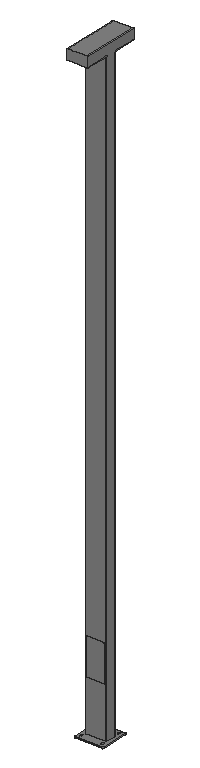
Revit family "Супремус В", category Осветительные приборы, Revit 2019 (continued)
Types (7, lengths in mm): name | Файл фотометрической сетки | built-in parameter 1150105 | Lumens | built-in parameter 1150106 | built-in parameter 1150142 | Wattage | L_общая рассеиватели | ADSK_Фактическая мощность | ADSK_Размер_Высота | ADSK_Номинальная мощность | ADSK_Наименование | ADSK_Масса_Текст | ADSK_Масса | ADSK_Артикул | 2
    1 239.6 232.8 225.8 218.8 211.7 205.0 198.8 193.2 187.8 182.6 177.2 171.2 165.0 159.0 152.7 147.0 141.3 135.5 130.8\r\n 126.3 121.6 117.0 113.6 110.0 106.0 101.4 96.8 92.0 86.9 81.8 77.0 72.2 67.6 63.3 59.3 55.5 51.9 48.6 45.5 43.0 41.0 39.3 37.7\r\n 36.2 34.8 33.4 32.1 30.8 29.5 28.3 27.2 26.1 24.9 23.6 22.5 21.3 20.1 19.0 18.0 16.9 15.9 15.0 14.0 12.8 11.7 10.9 10.2 9.6 9.0\r\n 8.4 7.8 7.2 6.6 6.2 6.0 5.8 5.3 4.7 4.2 3.7 3.2 2.9 2.7 2.5 2.3 2.1 1.9 1.8 1.7 1.5 1.3 1.2 1.0 1.0 0.0 0.0 0.0 0.0 0.0 0.0 0.0\r\n 0.0 0.0 0.0 0.0 0.0 0.0 0.0 0.0 0.0 0.0 0.0 0.0 0.0 0.0 0.0 0.0 0.0 0.0 0.0 0.0 0.0 0.0 0.0 0.0 0.0 0.0 0.0 0.0 0.0 0.0 0.0 0.0\r\n 0.0 0.0 0.0 0.0 0.0 0.0 0.0 0.0 0.0 0.0 0.0 0.0 0.0 0.0 0.0 0.0 0.0 0.0 0.0 0.0 0.0 0.0 0.0 0.0 0.0 0.0 0.0 0.0 0.0 0.0 0.0 0.0\r\n 0.0 0.0 0.0 0.0 0.0 0.0 0.0 0.0 0.0 0.0 0.0 0.0 0.0 0.0 0.0 0.0 0.0 0.0 0.0 0.0 0.0 0.0 0.0 0.0 0.0 0.0 0.0 0.0 0.0 0.0 0.0 0.0\r\n 0.0 0.0 0.0 0.0 0.0 0.0 0.0 0.0 0.0 0.0 0.0 0.0 0.0 0.0 0.0 0.0 0.0 0.0 0.0 0.0 0.0 0.0 0.0 0.0 0.0 0.0 0.0 0.0 0.0 0.0 0.0 0.0\r\n 0.0 0.0 0.0 0.0 0.0 0.0 0.0 0.0 0.0 0.0 0.0 0.0 0.0 0.0 0.0 0.0 0.0 0.0 0.0 0.0 0.0 0.0 0.0 0.0 0.0\r\n275.6 277.4 279.5 281.4 283.3 285.3 287.6 289.9 292.3 294.7 297.0 299.3 301.4 303.4 305.3 307.0 308.7 310.4 311.9 313.4 314.6\r\n 316.1 317.5 318.7 320.3 321.7 323.3 324.5 325.8 326.8 328.0 328.8 329.9 330.8 331.6 332.5 333.2 333.9 334.5 335.1 335.7 336.6\r\n 337.3 337.8 338.6 339.6 340.5 341.6 342.9 344.1 345.7 347.1 348.4 349.7 350.9 352.2 353.3 354.7 355.7 356.9 358.1 359.5 360.9\r\n 362.4 363.5 364.9 366.1 367.4 368.8 369.7 370.4 371.1 372.1 373.0 374.4 375.3 375.2 375.3 375.4 374.5 373.0 371.0 369.5 368.2\r\n 366.9 365.5 363.6 361.8 360.1 358.5 357.1 355.2 353.4 351.1 349.3 347.1 345.0 342.9 340.8 338.6 336.1 333.2 330.1 326.7 323.2\r\n 318.9 314.3 309.6 304.4 298.8 293.2 287.5 281.8 276.2 271.0 265.7 261.0 256.7 251.9 247.4 242.6 237.2 232.0 226.6 220.7 214.4\r\n 208.2 201.6 195.0 187.8 180.7 173.7 166.6 159.8 152.9 145.8 138.0 129.5 120.7 111.2 101.8 92.6 83.6 75.3 68.1 61.9 55.7 51.0 46.8\r\n 43.5 40.5 37.8 35.7 33.8 32.1 30.5 29.0 27.6 26.2 24.9 23.6 22.4 21.2 20.1 19.1 18.2 17.3 16.5 15.9 15.2 14.2 13.3 12.5 11.8 11.0\r\n 10.1 9.3 8.4 7.7 7.0 6.5 6.2 5.9 5.4 4.7 4.3 3.8 3.3 2.8 2.5 2.3 2.0 1.8 1.7 1.5 1.4 1.3 1.1 0.9 0.9 0.8 0.0 0.0 0.0 0.0 0.0 0.0\r\n 0.0 0.0 0.0 0.0 0.0 0.0 0.0 0.0 0.0 0.0 0.0 0.0 0.0 0.0 0.0 0.0 0.0 0.0 0.0 0.0 0.0 0.0 0.0 0.0 0.0 0.0 0.0 0.0 0.0 0.0 0.0 0.0\r\n 0.0 0.0 0.0 0.0 0.0 0.0 0.0 0.0 0.0 0.0 0.0 0.0 0.0 0.0 0.0 0.0 0.0 0.0 0.0 0.0 0.0 0.0 0.0 0.0 0.0 0.0 0.0 0.0 0.0 0.0 0.0 0.0\r\n 0.0 0.0 0.0 0.0 0.0 0.0 0.0 0.0 0.0 0.0 0.0 0.0 0.0 0.0 0.0 0.0 0.0 0.0 0.0 0.0 0.0 0.0 0.0 0.0 0.0 0.0 0.0 0.0 0.0 0.0 0.0 0.0\r\n 0.0 0.0 0.0 0.0 0.0 0.0 0.0 0.0 0.0 0.0 0.0 0.0 0.0 0.0 0.0 0.0 0.0 0.0 0.0 0.0 0.0 0.0 0.0 0.0 0.0 0.0 0.0 0.0 0.0 0.0 0.0 0.0\r\n 0.0 0.0 0.0 0.0 0.0 0.0 0.0 0.0 0.0 0.0 0.0 0.0 0.0 0.0 0.0 0.0 0.0 0.0 0.0 0.0 0.0 0.0 0.0 0.0 0.0 0.0\r\n275.6 277.4 279.0 280.8 282.6 284.4 286.4 288.3 290.5 292.5 294.6 296.7 298.6 300.6 302.3 303.9 305.5 307.0 308.3 309.7 311.1\r\n 312.4 313.5 314.5 315.6 316.8 318.1 319.4 320.8 321.9 323.2 324.2 325.3 326.3 327.1 327.8 328.4 329.2 330.2 330.9 331.8 332.5\r\n 333.0 333.7 334.3 335.3 336.0 336.9 337.8 339.0 340.2 341.6 343.0 344.5 346.0 347.8 349.5 351.3 353.2 355.0 356.8 358.6 360.5\r\n 362.8 365.0 367.0 369.7 372.1 374.4 376.7 379.0 380.6 382.2 383.8 385.2 387.1 388.5 389.2 390.5 391.4 391.3 390.9 389.9 389.9\r\n 389.9 389.8 389.8 389.8 389.8 390.2 390.2 391.2 392.0 392.7 393.0 392.8 392.5 392.4 392.1 391.7 391.3 391.1 390.2 389.3 387.9\r\n 386.2 384.4 382.2 379.1 375.7 372.2 368.6 364.6 360.5 356.3 352.3 348.5 344.7 340.8 336.9 333.0 328.6 324.0 319.0 313.7 307.3\r\n 300.7 293.7 285.8 277.7 269.5 261.0 251.8 242.1 231.0 219.4 207.8 195.8 183.3 170.4 157.8 145.2 133.3 121.5 109.6 98.5 87.6 77.8\r\n 68.4 60.2 53.3 47.3 42.4 38.8 35.8 33.2 30.7 28.7 27.1 25.8 24.6 23.6 22.9 22.0 21.4 20.9 20.3 19.5 18.6 17.9 16.9 15.7 14.5 13.3\r\n 12.1 11.0 9.8 8.8 7.9 7.1 6.5 5.9 5.4 5.2 4.6 4.2 3.6 3.2 2.7 2.3 1.9 1.7 1.5 1.4 1.3 1.1 1.0 0.9 0.8 0.7 0.6 0.0 0.0 0.0 0.0 0.0\r\n 0.0 0.0 0.0 0.0 0.0 0.0 0.0 0.0 0.0 0.0 0.0 0.0 0.0 0.0 0.0 0.0 0.0 0.0 0.0 0.0 0.0 0.0 0.0 0.0 0.0 0.0 0.0 0.0 0.0 0.0 0.0 0.0\r\n 0.0 0.0 0.0 0.0 0.0 0.0 0.0 0.0 0.0 0.0 0.0 0.0 0.0 0.0 0.0 0.0 0.0 0.0 0.0 0.0 0.0 0.0 0.0 0.0 0.0 0.0 0.0 0.0 0.0 0.0 0.0 0.0\r\n 0.0 0.0 0.0 0.0 0.0 0.0 0.0 0.0 0.0 0.0 0.0 0.0 0.0 0.0 0.0 0.0 0.0 0.0 0.0 0.0 0.0 0.0 0.0 0.0 0.0 0.0 0.0 0.0 0.0 0.0 0.0 0.0\r\n 0.0 0.0 0.0 0.0 0.0 0.0 0.0 0.0 0.0 0.0 0.0 0.0 0.0 0.0 0.0 0.0 0.0 0.0 0.0 0.0 0.0 0.0 0.0 0.0 0.0 0.0 0.0 0.0 0.0 0.0 0.0 0.0\r\n 0.0 0.0 0.0 0.0 0.0 0.0 0.0 0.0 0.0 0.0 0.0 0.0 0.0 0.0 0.0 0.0 0.0 0.0 0.0 0.0 0.0 0.0 0.0 0.0 0.0 0.0 0.0\r\n275.6 277.2 278.7 280.3 281.9 283.4 285.0 287.0 288.7 290.5 292.1 294.0 295.6 297.3 299.0 300.5 301.9 303.2 304.5 305.8 306.9\r\n 308.1 309.0 310.0 311.2 312.1 313.2 314.2 315.4 316.3 317.6 318.6 319.8 320.9 321.8 322.7 323.5 324.4 325.2 325.9 326.8 327.9\r\n 328.8 329.9 330.8 331.5 332.5 333.1 333.8 334.8 335.7 336.9 338.2 339.5 341.0 342.6 344.4 346.1 348.0 350.3 352.4 354.7 357.2\r\n 359.7 362.4 365.0 367.8 370.6 373.6 376.6 379.5 382.0 384.5 386.7 388.8 390.8 393.0 395.0 396.3 398.6 400.6 401.8 402.7 403.8\r\n 404.7 406.3 408.0 409.7 411.5 413.0 414.8 417.1 419.2 421.0 423.0 425.1 427.3 429.1 431.5 433.3 435.0 436.5 437.9 439.2 440.3\r\n 441.0 440.5 439.3 437.6 435.9 433.6 431.5 429.3 426.6 423.7 419.9 415.6 410.8 405.5 399.9 394.4 388.7 382.5 376.1 369.6 363.0\r\n 356.5 349.8 342.5 334.5 326.3 316.7 305.9 294.3 282.0 268.7 254.2 238.5 222.1 205.4 188.2 171.6 156.4 142.2 129.9 118.4 108.2\r\n 97.9 88.4 79.7 71.7 64.7 57.8 50.8 45.8 41.7 38.0 34.8 32.4 30.2 28.4 27.0 25.7 24.7 23.8 22.8 21.7 20.4 19.2 18.2 17.1 15.8 14.3\r\n 12.6 11.3 10.3 9.2 8.2 7.2 6.5 5.8 5.2 4.8 4.5 4.2 3.7 3.1 2.7 2.2 1.8 1.5 1.4 1.3 1.2 1.0 0.9 0.8 0.7 0.6 0.6 0.5 0.0 0.0 0.0\r\n 0.0 0.0 0.0 0.0 0.0 0.0 0.0 0.0 0.0 0.0 0.0 0.0 0.0 0.0 0.0 0.0 0.0 0.0 0.0 0.0 0.0 0.0 0.0 0.0 0.0 0.0 0.0 0.0 0.0 0.0 0.0 0.0\r\n 0.0 0.0 0.0 0.0 0.0 0.0 0.0 0.0 0.0 0.0 0.0 0.0 0.0 0.0 0.0 0.0 0.0 0.0 0.0 0.0 0.0 0.0 0.0 0.0 0.0 0.0 0.0 0.0 0.0 0.0 0.0 0.0\r\n 0.0 0.0 0.0 0.0 0.0 0.0 0.0 0.0 0.0 0.0 0.0 0.0 0.0 0.0 0.0 0.0 0.0 0.0 0.0 0.0 0.0 0.0 0.0 0.0 0.0 0.0 0.0 0.0 0.0 0.0 0.0 0.0\r\n 0.0 0.0 0.0 0.0 0.0 0.0 0.0 0.0 0.0 0.0 0.0 0.0 0.0 0.0 0.0 0.0 0.0 0.0 0.0 0.0 0.0 0.0 0.0 0.0 0.0 0.0 0.0 0.0 0.0 0.0 0.0 0.0\r\n 0.0 0.0 0.0 0.0 0.0 0.0 0.0 0.0 0.0 0.0 0.0 0.0 0.0 0.0 0.0 0.0 0.0 0.0 0.0 0.0 0.0 0.0 0.0 0.0 0.0 0.0 0.0 0.0 0.0\r\n275.6 276.9 278.3 279.7 281.1 282.4 283.8 285.1 286.7 288.2 289.5 290.9 292.4 293.9 295.3 296.7 297.9 299.2 300.0 301.2 302.3\r\n 303.3 304.4 305.5 306.3 307.3 308.4 309.1 310.0 310.7 311.6 312.7 313.7 314.7 315.8 316.8 317.8 318.9 319.9 320.9 321.8 323.1\r\n 324.1 325.3 326.1 327.1 328.1 329.0 330.3 331.4 332.6 333.6 334.8 335.9 337.3 338.6 340.0 341.4 343.0 344.8 346.8 348.6 350.8\r\n 353.2 355.4 358.0 360.6 363.5 366.5 369.9 373.2 376.6 379.9 382.9 385.7 388.4 391.0 393.7 396.3 398.9 401.6 404.0 406.2 408.6\r\n 410.8 412.7 415.5 418.2 420.9 423.8 426.8 430.4 433.8 436.6 439.8 442.8 446.0 449.4 453.0 456.8 460.6 463.8 467.4 470.3 473.3\r\n 475.4 476.4 476.1 475.0 473.4 471.0 468.0 464.4 460.2 455.0 449.3 444.2 440.2 435.9 431.9 427.8 422.5 417.1 411.2 404.8 397.6\r\n 389.4 380.5 371.0 361.4 350.9 339.9 328.0 315.6 301.7 287.4 272.9 257.5 241.8 225.9 210.2 194.3 179.0 164.6 151.6 140.3 131.3\r\n 122.2 113.1 105.9 98.4 90.6 82.7 75.1 67.9 61.0 54.5 48.8 43.8 39.8 35.8 32.4 29.3 26.5 24.4 22.5 20.8 19.2 17.8 16.7 15.7 14.3\r\n 12.9 11.3 10.0 9.1 8.1 7.2 6.5 5.8 5.1 4.5 4.1 3.8 3.4 3.0 2.6 2.2 1.8 1.5 1.3 1.2 1.1 1.0 0.8 0.8 0.7 0.6 0.5 0.5 0.5 0.0 0.0\r\n 0.0 0.0 0.0 0.0 0.0 0.0 0.0 0.0 0.0 0.0 0.0 0.0 0.0 0.0 0.0 0.0 0.0 0.0 0.0 0.0 0.0 0.0 0.0 0.0 0.0 0.0 0.0 0.0 0.0 0.0 0.0 0.0\r\n 0.0 0.0 0.0 0.0 0.0 0.0 0.0 0.0 0.0 0.0 0.0 0.0 0.0 0.0 0.0 0.0 0.0 0.0 0.0 0.0 0.0 0.0 0.0 0.0 0.0 0.0 0.0 0.0 0.0 0.0 0.0 0.0\r\n 0.0 0.0 0.0 0.0 0.0 0.0 0.0 0.0 0.0 0.0 0.0 0.0 0.0 0.0 0.0 0.0 0.0 0.0 0.0 0.0 0.0 0.0 0.0 0.0 0.0 0.0 0.0 0.0 0.0 0.0 0.0 0.0\r\n 0.0 0.0 0.0 0.0 0.0 0.0 0.0 0.0 0.0 0.0 0.0 0.0 0.0 0.0 0.0 0.0 0.0 0.0 0.0 0.0 0.0 0.0 0.0 0.0 0.0 0.0 0.0 0.0 0.0 0.0 0.0 0.0\r\n 0.0 0.0 0.0 0.0 0.0 0.0 0.0 0.0 0.0 0.0 0.0 0.0 0.0 0.0 0.0 0.0 0.0 0.0 0.0 0.0 0.0 0.0 0.0 0.0 0.0 0.0 0.0 0.0 0.0 0.0\r\n275.6 276.8 277.9 279.2 280.4 281.4 282.4 283.6 284.8 286.0 287.0 288.2 289.3 290.5 291.6 292.6 293.7 294.7 295.7 296.6 297.5\r\n 298.4 299.3 300.1 301.0 301.9 302.8 303.5 304.2 305.1 306.0 307.0 308.0 308.8 309.6 310.7 311.5 312.5 313.6 314.7 315.9 317.0\r\n 318.4 319.6 320.9 322.1 323.4 324.8 326.1 327.5 328.9 330.4 331.7 332.9 334.2 335.7 337.0 338.4 339.9 341.3 342.9 344.7 346.5\r\n 348.3 350.2 352.3 354.3 356.5 359.3 362.0 365.0 368.2 371.6 375.1 378.4 381.7 384.7 387.5 390.8 393.9 397.0 399.9 402.8 405.5\r\n 408.2 411.2 414.7 418.5 422.0 425.4 429.6 434.1 438.1 441.8 445.5 449.0 452.7 456.0 459.5 463.1 466.3 469.9 473.0 476.0 479.3\r\n 481.3 482.5 482.3 480.8 479.3 477.9 475.6 472.9 469.4 465.6 461.4 457.4 452.8 447.6 442.7 438.0 433.0 427.9 421.8 414.9 407.1\r\n 399.3 391.2 381.6 371.5 360.2 348.1 334.5 320.6 306.5 292.0 277.6 263.7 249.5 236.1 222.9 210.4 199.3 190.1 182.3 175.5 169.4\r\n 163.4 156.3 148.6 140.2 130.6 120.7 110.5 100.5 90.6 80.2 70.3 62.1 54.0 45.8 40.0 35.3 31.5 28.3 25.5 22.9 20.6 18.3 16.1 14.0\r\n 12.1 10.6 9.4 8.3 7.3 6.4 5.6 4.9 4.4 4.0 3.6 3.3 3.0 2.7 2.3 2.0 1.7 1.4 1.3 1.1 1.0 0.9 0.8 0.7 0.6 0.6 0.5 0.5 0.5 0.5 0.0 0.0\r\n 0.0 0.0 0.0 0.0 0.0 0.0 0.0 0.0 0.0 0.0 0.0 0.0 0.0 0.0 0.0 0.0 0.0 0.0 0.0 0.0 0.0 0.0 0.0 0.0 0.0 0.0 0.0 0.0 0.0 0.0 0.0 0.0\r\n 0.0 0.0 0.0 0.0 0.0 0.0 0.0 0.0 0.0 0.0 0.0 0.0 0.0 0.0 0.0 0.0 0.0 0.0 0.0 0.0 0.0 0.0 0.0 0.0 0.0 0.0 0.0 0.0 0.0 0.0 0.0 0.0\r\n 0.0 0.0 0.0 0.0 0.0 0.0 0.0 0.0 0.0 0.0 0.0 0.0 0.0 0.0 0.0 0.0 0.0 0.0 0.0 0.0 0.0 0.0 0.0 0.0 0.0 0.0 0.0 0.0 0.0 0.0 0.0 0.0\r\n 0.0 0.0 0.0 0.0 0.0 0.0 0.0 0.0 0.0 0.0 0.0 0.0 0.0 0.0 0.0 0.0 0.0 0.0 0.0 0.0 0.0 0.0 0.0 0.0 0.0 0.0 0.0 0.0 0.0 0.0 0.0 0.0\r\n 0.0 0.0 0.0 0.0 0.0 0.0 0.0 0.0 0.0 0.0 0.0 0.0 0.0 0.0 0.0 0.0 0.0 0.0 0.0 0.0 0.0 0.0 0.0 0.0 0.0 0.0 0.0 0.0 0.0 0.0\r\n275.6 276.7 277.6 278.7 279.4 280.4 281.3 282.1 282.8 283.7 284.6 285.2 286.1 287.0 287.7 288.5 289.3 290.0 290.7 291.6 292.2\r\n 293.1 293.9 294.5 295.3 295.9 296.5 297.2 298.1 298.8 299.6 300.5 301.4 302.3 303.5 304.3 305.5 306.4 307.3 308.5 309.4 310.7\r\n 311.7 313.1 314.4 315.8 317.0 318.6 320.1 321.7 323.4 325.2 326.6 328.4 329.8 331.2 332.8 334.1 335.7 337.0 338.7 340.5 342.5\r\n 344.1 346.1 348.3 350.4 352.8 355.1 357.6 360.4 363.5 366.6 369.8 373.1 376.4 379.7 382.7 385.9 388.6 391.5 394.2 396.9 399.8\r\n 403.0 406.8 410.5 414.2 417.3 420.9 425.1 429.1 432.5 435.7 438.7 441.6 444.3 447.3 450.2 453.3 456.1 458.9 461.6 464.3 466.2\r\n 468.1 469.9 470.9 471.8 472.5 473.5 473.6 471.9 468.6 465.7 462.6 458.8 454.9 450.1 445.4 440.5 435.5 430.0 424.7 418.8 412.1\r\n 405.0 396.3 386.4 376.1 365.1 353.7 342.1 329.5 317.0 304.3 291.7 279.7 268.8 259.9 252.0 244.3 236.7 229.6 222.7 216.8 211.3\r\n 205.1 197.0 186.5 176.0 164.4 150.6 136.9 123.1 109.5 98.3 87.9 77.6 66.8 56.8 47.9 40.7 35.2 30.9 27.3 24.3 21.7 19.3 17.1 15.2\r\n 13.4 11.7 10.3 9.0 7.9 6.7 5.6 4.8 4.2 3.7 3.4 3.0 2.7 2.4 2.0 1.7 1.4 1.2 1.0 0.9 0.8 0.7 0.6 0.5 0.5 0.5 0.5 0.4 0.3 0.2 0.1\r\n 0.0 0.0 0.0 0.0 0.0 0.0 0.0 0.0 0.0 0.0 0.0 0.0 0.0 0.0 0.0 0.0 0.0 0.0 0.0 0.0 0.0 0.0 0.0 0.0 0.0 0.0 0.0 0.0 0.0 0.0 0.0 0.0\r\n 0.0 0.0 0.0 0.0 0.0 0.0 0.0 0.0 0.0 0.0 0.0 0.0 0.0 0.0 0.0 0.0 0.0 0.0 0.0 0.0 0.0 0.0 0.0 0.0 0.0 0.0 0.0 0.0 0.0 0.0 0.0 0.0\r\n 0.0 0.0 0.0 0.0 0.0 0.0 0.0 0.0 0.0 0.0 0.0 0.0 0.0 0.0 0.0 0.0 0.0 0.0 0.0 0.0 0.0 0.0 0.0 0.0 0.0 0.0 0.0 0.0 0.0 0.0 0.0 0.0\r\n 0.0 0.0 0.0 0.0 0.0 0.0 0.0 0.0 0.0 0.0 0.0 0.0 0.0 0.0 0.0 0.0 0.0 0.0 0.0 0.0 0.0 0.0 0.0 0.0 0.0 0.0 0.0 0.0 0.0 0.0 0.0 0.0\r\n 0.0 0.0 0.0 0.0 0.0 0.0 0.0 0.0 0.0 0.0 0.0 0.0 0.0 0.0 0.0 0.0 0.0 0.0 0.0 0.0 0.0 0.0 0.0 0.0 0.0 0.0 0.0 0.0 0.0 0.0 0.0\r\n275.6 276.4 277.2 278.0 278.6 279.4 279.9 280.5 281.1 281.5 281.9 282.5 283.0 283.6 284.1 284.5 285.0 285.3 285.8 286.2 286.7\r\n 287.3 287.9 288.4 289.0 289.6 290.0 290.7 291.3 292.0 292.9 293.5 294.2 295.0 296.1 297.0 298.1 299.1 300.1 301.2 302.4 303.6\r\n 304.9 306.3 307.5 309.0 310.5 312.0 313.6 315.2 316.8 318.4 320.0 321.6 323.1 324.8 326.2 327.8 329.3 331.0 332.7 334.2 336.0\r\n 338.2 339.9 342.0 344.1 346.3 348.7 351.1 353.7 356.2 359.2 362.2 365.2 368.4 371.6 374.6 377.5 380.3 382.9 385.9 388.5 391.4\r\n 394.5 397.8 401.6 404.7 407.8 411.4 415.3 418.4 420.9 423.2 425.3 427.8 430.5 433.0 435.8 438.8 441.5 444.4 447.5 449.3 451.0\r\n 452.8 454.1 455.5 455.9 456.3 457.0 457.6 457.7 457.0 455.5 453.4 451.2 448.9 445.9 442.7 438.5 434.1 429.1 424.0 418.0 411.1\r\n 403.6 394.6 385.0 375.1 364.5 353.6 342.4 330.7 320.1 310.4 302.2 295.4 289.6 283.9 278.8 273.1 267.1 260.7 254.5 247.8 240.3\r\n 231.6 221.4 209.2 194.9 178.6 161.7 145.4 130.0 116.3 103.1 89.8 76.2 64.8 53.4 42.0 35.5 30.8 27.1 24.0 21.3 19.1 17.2 15.4 13.8\r\n 12.4 11.2 9.7 8.2 7.1 6.2 5.2 4.5 3.9 3.5 3.0 2.7 2.4 2.0 1.7 1.5 1.3 1.0 0.8 0.7 0.6 0.6 0.6 0.6 0.5 0.5 0.6 0.6 0.6 0.6 0.0 0.0\r\n 0.0 0.0 0.0 0.0 0.0 0.0 0.0 0.0 0.0 0.0 0.0 0.0 0.0 0.0 0.0 0.0 0.0 0.0 0.0 0.0 0.0 0.0 0.0 0.0 0.0 0.0 0.0 0.0 0.0 0.0 0.0 0.0\r\n 0.0 0.0 0.0 0.0 0.0 0.0 0.0 0.0 0.0 0.0 0.0 0.0 0.0 0.0 0.0 0.0 0.0 0.0 0.0 0.0 0.0 0.0 0.0 0.0 0.0 0.0 0.0 0.0 0.0 0.0 0.0 0.0\r\n 0.0 0.0 0.0 0.0 0.0 0.0 0.0 0.0 0.0 0.0 0.0 0.0 0.0 0.0 0.0 0.0 0.0 0.0 0.0 0.0 0.0 0.0 0.0 0.0 0.0 0.0 0.0 0.0 0.0 0.0 0.0 0.0\r\n 0.0 0.0 0.0 0.0 0.0 0.0 0.0 0.0 0.0 0.0 0.0 0.0 0.0 0.0 0.0 0.0 0.0 0.0 0.0 0.0 0.0 0.0 0.0 0.0 0.0 0.0 0.0 0.0 0.0 0.0 0.0 0.0\r\n 0.0 0.0 0.0 0.0 0.0 0.0 0.0 0.0 0.0 0.0 0.0 0.0 0.0 0.0 0.0 0.0 0.0 0.0 0.0 0.0 0.0 0.0 0.0 0.0 0.0 0.0 0.0 0.0 0.0 0.0\r\n275.6 276.3 276.8 277.2 277.8 278.3 278.7 279.1 279.3 279.5 279.8 280.0 280.0 280.4 280.5 280.9 280.9 281.0 281.3 281.3 281.5\r\n 281.7 282.0 282.2 282.5 282.7 283.2 283.6 284.1 284.6 285.2 285.9 286.4 287.1 288.1 288.9 289.8 290.9 291.7 292.6 293.7 294.8\r\n 296.2 297.3 298.6 300.0 301.5 303.1 304.6 306.1 307.7 309.2 310.8 312.2 313.8 315.4 317.0 318.7 320.5 322.1 323.8 325.7 327.3\r\n 329.1 331.1 332.9 334.8 336.9 339.2 341.6 343.9 346.3 348.6 351.1 353.6 356.0 358.3 360.9 363.4 365.7 368.1 370.4 372.9 375.7\r\n 378.5 381.9 385.2 387.0 389.6 392.9 396.0 398.7 401.0 403.1 405.3 407.7 410.7 413.1 416.0 418.8 421.3 423.6 425.8 427.3 428.4\r\n 429.5 430.5 431.3 432.1 433.3 434.9 435.9 436.6 437.2 437.9 438.2 438.7 438.3 437.8 435.9 433.2 430.0 426.7 422.2 416.7 409.9\r\n 403.1 395.6 386.8 377.7 368.4 358.6 349.1 340.8 333.0 326.4 320.8 316.2 311.9 307.1 301.7 296.1 289.8 283.8 277.1 268.7 259.1\r\n 248.0 234.3 217.7 200.0 181.5 162.0 144.1 128.4 112.9 97.3 81.0 64.4 51.1 41.9 34.8 29.5 25.4 22.3 19.8 17.8 16.0 14.4 13.0 11.8\r\n 10.6 9.5 8.4 7.5 6.5 5.5 4.8 4.1 3.6 3.2 2.8 2.5 2.3 2.0 1.6 1.4 1.3 1.0 0.7 0.6 0.6 0.6 0.6 0.6 0.6 0.6 0.6 0.6 0.7 0.7 0.0 0.0\r\n 0.0 0.0 0.0 0.0 0.0 0.0 0.0 0.0 0.0 0.0 0.0 0.0 0.0 0.0 0.0 0.0 0.0 0.0 0.0 0.0 0.0 0.0 0.0 0.0 0.0 0.0 0.0 0.0 0.0 0.0 0.0 0.0\r\n 0.0 0.0 0.0 0.0 0.0 0.0 0.0 0.0 0.0 0.0 0.0 0.0 0.0 0.0 0.0 0.0 0.0 0.0 0.0 0.0 0.0 0.0 0.0 0.0 0.0 0.0 0.0 0.0 0.0 0.0 0.0 0.0\r\n 0.0 0.0 0.0 0.0 0.0 0.0 0.0 0.0 0.0 0.0 0.0 0.0 0.0 0.0 0.0 0.0 0.0 0.0 0.0 0.0 0.0 0.0 0.0 0.0 0.0 0.0 0.0 0.0 0.0 0.0 0.0 0.0\r\n 0.0 0.0 0.0 0.0 0.0 0.0 0.0 0.0 0.0 0.0 0.0 0.0 0.0 0.0 0.0 0.0 0.0 0.0 0.0 0.0 0.0 0.0 0.0 0.0 0.0 0.0 0.0 0.0 0.0 0.0 0.0 0.0\r\n 0.0 0.0 0.0 0.0 0.0 0.0 0.0 0.0 0.0 0.0 0.0 0.0 0.0 0.0 0.0 0.0 0.0 0.0 0.0 0.0 0.0 0.0 0.0 0.0 0.0 0.0 0.0 0.0 0.0 0.0\r\n275.6 276.0 276.4 276.6 276.9 277.2 277.3 277.4 277.5 277.4 277.4 277.3 277.3 277.2 277.1 277.1 276.9 276.9 276.8 276.7 276.7\r\n 276.6 276.5 276.6 276.6 276.6 276.8 276.9 277.2 277.4 277.8 278.1 278.8 279.3 279.8 280.4 281.2 282.0 283.0 284.0 284.8 285.8\r\n 286.6 287.7 289.0 290.1 291.4 292.9 293.9 295.1 296.4 297.6 298.9 300.3 301.6 303.1 304.6 306.0 307.5 309.3 310.9 312.5 314.2\r\n 316.0 317.7 319.5 321.3 323.4 325.4 327.5 329.3 331.5 333.6 335.9 338.1 340.4 342.6 344.8 347.2 349.5 351.6 354.0 356.
